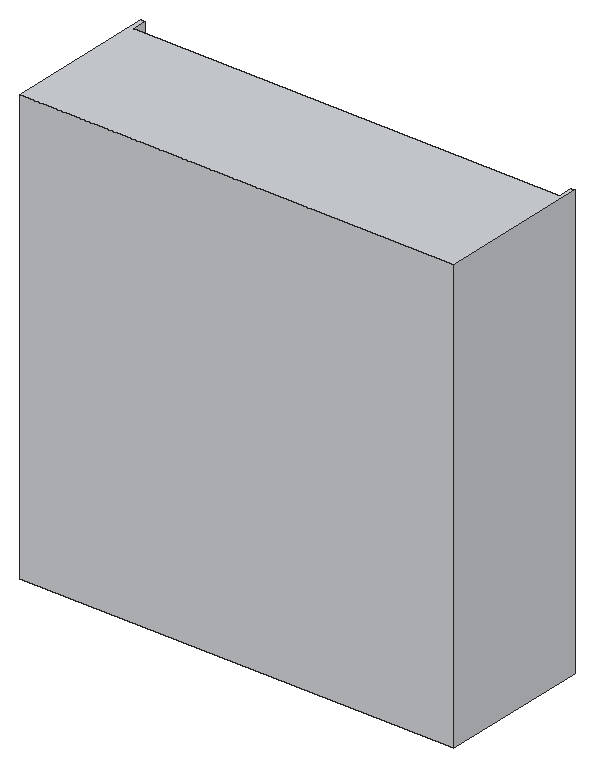
Revit family "Shower_Base-Willoughby-SB-Series_3030", category Generic Models, Revit 2015
Parameters (values of type "SB-Series 3636")
  URL = "https://www.willoughby-ind.com/wp-content/uploads/2018/01/SB-3636.pdf"
  Revision = "A"
  Model = "SB-3030"
  Manufacturer = "Willoughby Industries"
  Description = "30\" X 30\" Stainless Steel Shower Base"
  Default Elevation = 0' - 0"
  Contact Info = "(800) 428-4065"
Reference planes (in)
  plane 1 "Center (Front/Back)": y = 0
  plane 2: z = 0
  plane 3 "Center (Left/Right)": x = 0
  plane 4: z = 14.125
Forms (in)
  Extrusion 1, solid
    sketch origin (-9, 23.79286, 0) x (1, 0, 0) y (0, 1, 0)
      loop
        line (-6, -13.29286) -> (-6, -23.79286) -> (24, -23.79286) -> (24, -13.29286) -> (-6, -13.29286)
    from 0 to 30
  Extrusion 2, void
    sketch origin (0.25, 0, 0) x (1, 0, 0) y (0, 1, 0)
      loop
        line (-15, 10.5) -> (-15, 9.5) -> (14.5, 9.5) -> (14.5, 10.5) -> (-15, 10.5)
    from 0.25 to 36.25
  Extrusion 3, void
    sketch origin (-0.1668, 0, -4) x (1, 0, 0) y (0, 0, 1)
      loop
        line (3.1668, 21.08526) -> (-2.8332, 21.08526) -> (-2.8332, 15.08526) -> (3.1668, 15.08526) -> (3.1668, 21.08526)
    from -9.5 to -9.30631
  Extrusion 4, solid
    sketch origin (-0.41126, -0.42592, 0) x (1, 0, 0) y (0, 1, 0)
      loop
        circle (0.39889, 6.92592) r 1
    from 0 to 2
Cuts and joins
  Extrusion 2, Extrusion 3 cuts Extrusion 1
Dimensions and locks (in)
  Extrusion 1 to Extrusion 1 = 2' - 6"
  locked: cut or joined group of Extrusion 1, Extrusion 2, Extrusion 3 to Extrusion 4 sketch curve at 6.5
  aligned and locked: plane 1 "Center (Front/Back)" to Extrusion 1
Connectors (in)
  piping at (-0.01237, 6.5, 0), diameter 2
    settings: on Extrusion 4, index 1, connector inside diameter 24", connector length 0' - 0", flow factor 0, pipe flow 0 GPM, pressure drop 0.00 psi, fitting loss kfactor 0, connector angle 0.00°, fixture units 0, engagement length 0' - 0", angle of deflection 0.00°, flow configuration 0, flow direction 2, fitting loss method 0, system type 16, joint type 0, gender type 0, connector reference index -1, connector utility 0, adjustable connector no, is connector primary yes, connector description "2\" FIP"
